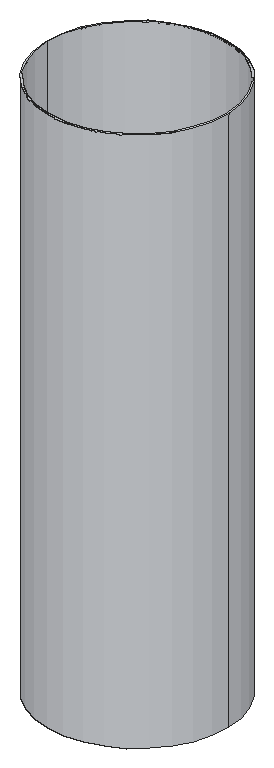
Revit family "Round Floor Sleeve", category Pipe Accessories, Revit 2021
Family settings
  Round Connector Dimension = Use Diameter
  Part Type = Normal
  Work Plane-Based = Yes
  Always vertical = Yes
  Cut with Voids When Loaded = No
  Shared = No
Parameters
  TS_Point_Description [instance] = "SLV"
  Length [instance] = 0' - 6"
  Inner Diameter [instance] = Diameter - 0' 0 1/32"  # 0' - 1 31/32"
  GTP_PointRole_0 [instance] = ""
  GTP_PointNumber_0 [instance] = ""
  GTP_PointElement_0 [instance] = ""
  GTP_LinkedParam_0 [instance] = "GTP_PointNumber_0"
  Diameter [instance] = 0' - 2"
  Default Elevation = 4' - 0"
Reference planes (in)
  plane 1 "Center (Front/Back)": y = 0
  plane 2: z = 0
  plane 3 "Center (Left/Right)": x = 0
  plane 4: z = -6
  plane 5: z = -3
Forms (in)
  Extrusion 1, solid
    sketch origin (0, 0, 0) x (1, 0, 0) y (0, 1, 0)
      loop
        circle (0, 0) r 1
      loop
        circle (0, 0) r 0.98438
    from 0 to -6
Lines and regions (in)
  model lines
    curve 1: circle (0, 0, 0) r 0.00391 normal (0, 0, 1)
Dimensions and locks (in)
  "Length": level to plane 4
  equal spacing: plane 2, plane 5, plane 4
  "Diameter": diameter of Extrusion 1 sketch curve
  "Inner Diameter": diameter of Extrusion 1 sketch curve
  aligned and locked: plane 2 to level
  aligned and locked: plane 2 to Extrusion 1
  aligned and locked: Extrusion 1 to plane 4
  aligned and locked: plane 5 to nested 1
Automatic sketch dimensions
  Extrusion 1 sketch curve to Extrusion 1 sketch curve = 0' - 0"  (x2)
  plane 1 "Center (Front/Back)" to Extrusion 1 sketch curve = 0' - 0"
  Extrusion 1 sketch curve to plane 3 "Center (Left/Right)" = 0' - 0"
  plane 1 "Center (Front/Back)" to curve 1 = 0' - 0"
  curve 1 to plane 3 "Center (Left/Right)" = 0' - 0"
  radius of curve 1 = 0' - 0 1/256"
Nested families (in)
  nested 1: "GTP" at (0, 0, -3), PointNumber <- "GTP_PointNumber_0", PointRole <- "GTP_PointRole_0", PointElement <- "GTP_PointElement_0", LinkedParam <- "GTP_LinkedParam_0", PointDescription <- "TS_Point_Description", type "Generic Pt"
    with PointRole "", PointNumber "", PointElement "", PointDescription "SLV", LinkedParam "GTP_PointNumber_0"
Definition of nested family "GTP"
  Parameters (values of type "Generic Pt")
    URL = ""
    PointRole [instance] = "Stake Out"
    PointNumber [instance] = ""
    PointElement [instance] = ""
    PointDescription [instance] = "Generic Pt"
    Manufacturer = "Autodesk Inc."
    LinkedParam [instance] = ""
    Default Elevation = 0' - 0"
  Reference planes (in)
    plane 1 "Center (Front/Back)": y = 0
    plane 2: z = 0
    plane 3 "Center (Left/Right)": x = 0
  Forms (in)
    Extrusion 1, solid, detail levels medium+fine
      sketch origin (0, 0, 0) x (1, 0, 0) y (0, 1, 0)
        loop
          line (0.5, -0.5) -> (0.5, 0.5) -> (-0.5, 0.5) -> (-0.5, -0.5) -> (0.5, -0.5)
      from -0.5 to 0.5
  Lines and regions (in)
    model lines, detail levels coarse+medium
      curve 1: line (0, 0.5, 0) -> (0, 0, 0)
      curve 2: line (-0.5, 0, 0) -> (0, 0, 0)
      curve 3: line (0, 0, -0.5) -> (0, 0, 0)
      curve 4: line (0, 0, 0) -> (0.5, 0, 0)
      curve 5: line (0, 0, 0) -> (0, -0.5, 0)
      curve 6: line (0, 0, 0) -> (0, 0, 0.5)
